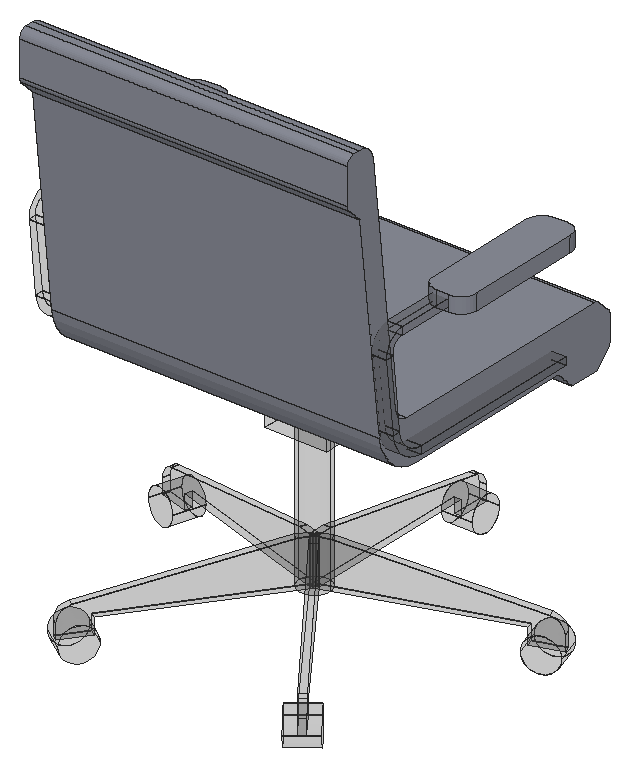
Revit family
Parameters (values of type "Chair-Task Arms")
  Assembly Code = "E2020200"
  Base Material = Plastic - Black
  Caster Material = Plastic - Black
  Seat/Back Material = Textile - Slate Blue
Reference planes (in)
  plane 1 "Center (Front/Back)": y = 0.7459
  plane 2: z = 0
  plane 3 "Center (Left/Right)": x = 5.55082
  plane 4: x = 18.05082
  plane 5: x = -6.94918
  plane 6: y = -12.7541
  plane 7: y = 14.2459
  plane 8: z = 35
  plane 9: z = 18
  plane 10: y = -9.7541
  plane 11: z = 34
  plane 12: y = 11.2459
  plane 13: y = 10.2459
  plane 14: z = 17
  plane 15: y = -8.7541
  plane 16: z = 31
  plane 17: z = 14
  plane 18: x = 7.55082
  plane 19: x = 3.55082
  plane 20: x = 16.55082
  plane 21: x = -5.44918
  plane 22: z = 24
  plane 23: z = 24
Forms (in)
  Extrusion 1, solid, material "Textile - Slate Blue" <- "Seat/Back Material"
    sketch origin (-6.94918, 0, 0) x (0, -1, 0) y (0, 0, 1)
      loop
        arc (-10.03977, 18) -> (-10.23034, 17.96226) -> (-10.39214, 17.85473) r 0.5
        line (-10.39214, 17.85473) -> (-11.09827, 17.15331)
        arc (-11.09827, 17.15331) -> (-11.20752, 16.99069) -> (-11.2459, 16.79857) r 0.5
        line (-11.2459, 16.79857) -> (-11.2459, 15.41892)
        arc (-11.2459, 15.41892) -> (-11.17042, 15.03778) -> (-10.95537, 14.71418) r 1
        line (-10.95537, 14.71418) -> (-10.24595, 14) -> (-8.24595, 14) -> (-7.12892, 15.10959) -> (4.21689, 15.10959)
        arc (4.21689, 15.10959) -> (6.21043, 15.86776) -> (7.19634, 17.75907) r 3
        line (7.19634, 17.75907) -> (8.7541, 31) -> (9.60765, 31.85355)
        arc (9.60765, 31.85355) -> (9.71604, 32.01577) -> (9.7541, 32.20711) r 0.5
        line (9.7541, 32.20711) -> (9.7541, 34.5)
        arc (9.7541, 34.5) -> (9.60765, 34.85355) -> (9.2541, 35) r 0.5
        line (9.2541, 35) -> (8.7472, 35)
        arc (8.7472, 35) -> (8.08269, 34.74728) -> (7.75405, 34.11684) r 1
        line (7.75405, 34.11684) -> (5.96185, 18.88316)
        arc (5.96185, 18.88316) -> (5.63322, 18.25272) -> (4.9687, 18) r 1
        line (4.9687, 18) -> (-10.03977, 18)
    from -2 to -23
  Extrusion 2, solid, material "Plastic - Black" <- "Base Material"
    sketch origin (7.55082, 0, 0) x (0, -1, 0) y (0, 0, 1)
      loop
        line (0.7541, 15.10959) -> (-2.7459, 15.10959) -> (-2.7459, 14.60959) -> (-0.7459, 11.14549) -> (0.7541, 11.14549) -> (0.7541, 15.10959)
    from 0 to 4
  Extrusion 3, solid, material "Plastic - Black" <- "Base Material"
    sketch origin (5.55082, 0, 0) x (0, 1, 0) y (0, 0, 1)
      loop
        line (0.7459, 2.10959) -> (12.2459, 2.10959) -> (12.2459, 1.10959) -> (14.2459, 1.10959) -> (14.2459, 2.0664)
        arc (14.2459, 2.0664) -> (14.01195, 2.70919) -> (13.41955, 3.05121) r 1
        line (13.41955, 3.05121) -> (1.7459, 5.10959) -> (0.7459, 5.10959) -> (0.7459, 2.10959)
    from 0.25 to -0.25
  Extrusion 4, solid, material "Plastic - Black" <- "Caster Material"
    sketch origin (5.55082, 0, 0) x (0, 1, 0) y (0, 0, 1)
      loop
        circle (13.2459, 1.10959) r 1.11025
    from 1 to -1
  Extrusion 5, solid, material "Plastic - Black" <- "Base Material"
    sketch origin (6.26021, 0.51541, 0) x (-0.951057, 0.309017, 0) y (0, 0, 1)
      loop
        line (0.7459, 2.10959) -> (12.2459, 2.10959) -> (12.2459, 1.10959) -> (14.2459, 1.10959) -> (14.2459, 2.0664)
        arc (14.2459, 2.0664) -> (14.01195, 2.70919) -> (13.41955, 3.05121) r 1
        line (13.41955, 3.05121) -> (1.7459, 5.10959) -> (0.7459, 5.10959) -> (0.7459, 2.10959)
    from 0.25 to -0.25
  Extrusion 6, solid, material "Plastic - Black" <- "Caster Material"
    sketch origin (6.26021, 0.51541, 0) x (-0.951057, 0.309017, 0) y (0, 0, 1)
      loop
        circle (13.2459, 1.10959) r 1.11025
    from 1 to -1
  Extrusion 7, solid, material "Plastic - Black" <- "Base Material"
    sketch origin (5.98925, 1.34935, 0) x (-0.587785, -0.809017, 0) y (0, 0, 1)
      loop
        line (0.7459, 2.10959) -> (12.2459, 2.10959) -> (12.2459, 1.10959) -> (14.2459, 1.10959) -> (14.2459, 2.0664)
        arc (14.2459, 2.0664) -> (14.01195, 2.70919) -> (13.41955, 3.05121) r 1
        line (13.41955, 3.05121) -> (1.7459, 5.10959) -> (0.7459, 5.10959) -> (0.7459, 2.10959)
    from 0.25 to -0.25
  Extrusion 8, solid, material "Plastic - Black" <- "Caster Material"
    sketch origin (5.98925, 1.34935, 0) x (-0.587785, -0.809017, 0) y (0, 0, 1)
      loop
        circle (13.2459, 1.10959) r 1.11025
    from 1 to -1
  Extrusion 9, solid, material "Plastic - Black" <- "Base Material"
    sketch origin (5.11239, 1.34935, 0) x (0.587785, -0.809017, 0) y (0, 0, 1)
      loop
        line (0.7459, 2.10959) -> (12.2459, 2.10959) -> (12.2459, 1.10959) -> (14.2459, 1.10959) -> (14.2459, 2.0664)
        arc (14.2459, 2.0664) -> (14.01195, 2.70919) -> (13.41955, 3.05121) r 1
        line (13.41955, 3.05121) -> (1.7459, 5.10959) -> (0.7459, 5.10959) -> (0.7459, 2.10959)
    from 0.25 to -0.25
  Extrusion 10, solid, material "Plastic - Black" <- "Caster Material"
    sketch origin (5.11239, 1.34935, 0) x (0.587785, -0.809017, 0) y (0, 0, 1)
      loop
        circle (13.2459, 1.10959) r 1.11025
    from 1 to -1
  Extrusion 11, solid, material "Plastic - Black" <- "Base Material"
    sketch origin (4.84143, 0.51541, 0) x (0.951057, 0.309017, 0) y (0, 0, 1)
      loop
        line (0.7459, 2.10959) -> (12.2459, 2.10959) -> (12.2459, 1.10959) -> (14.2459, 1.10959) -> (14.2459, 2.0664)
        arc (14.2459, 2.0664) -> (14.01195, 2.70919) -> (13.41955, 3.05121) r 1
        line (13.41955, 3.05121) -> (1.7459, 5.10959) -> (0.7459, 5.10959) -> (0.7459, 2.10959)
    from 0.25 to -0.25
  Extrusion 12, solid, material "Plastic - Black" <- "Caster Material"
    sketch origin (4.84143, 0.51541, 0) x (0.951057, 0.309017, 0) y (0, 0, 1)
      loop
        circle (13.2459, 1.10959) r 1.11025
    from 1 to -1
  Extrusion 13, solid, material "Plastic - Black" <- "Base Material"
    sketch origin (0, 0, 0) x (1, 0, 0) y (0, 1, 0)
      loop
        circle (5.55082, 0.7459) r 1
    from 2.10959 to 15.125
  Sweep 14, solid, material "Plastic - Black" <- "Base Material"
    path origin (16.55082, 0, 0) x (0, -1, 0) y (0, 0, 1)
      loop
        line (-6.57606, 16.5) -> (5.05233, 16.5)
        arc (5.05233, 16.5) -> (6.38136, 17.00545) -> (7.03863, 18.26632) r 2
        line (7.03863, 18.26632) -> (7.58179, 22.88316)
        arc (7.58179, 22.88316) -> (7.33592, 23.66451) -> (6.58864, 24) r 1
        line (6.58864, 24) -> (-0.7459, 24)
    profile origin (16.55082, 0.76186, 0) x (0, 0, 1) y (-1, 0, 0)
      loop
        line (16.75, 0.5) -> (16.25, 0.5) -> (16.25, -0.5) -> (16.75, -0.5) -> (16.75, 0.5)
  Sweep 15, solid, material "Plastic - Black" <- "Base Material"
    path origin (-5.44918, 0, 0) x (0, -1, 0) y (0, 0, 1)
      loop
        line (-6.57606, 16.5) -> (4.97003, 16.5)
        arc (4.97003, 16.5) -> (6.29906, 17.00545) -> (6.95634, 18.26632) r 2
        line (6.95634, 18.26632) -> (7.49949, 22.88316)
        arc (7.49949, 22.88316) -> (7.25362, 23.66451) -> (6.50634, 24) r 1
        line (6.50634, 24) -> (-0.7459, 24)
    profile origin (-5.44918, 0.80301, 0) x (0, 0, 1) y (-1, 0, 0)
      loop
        line (16.25, -0.5) -> (16.75, -0.5) -> (16.75, 0.5) -> (16.25, 0.5) -> (16.25, -0.5)
  Extrusion 16, solid, material "Textile - Slate Blue" <- "Seat/Back Material"
    sketch origin (16.05082, 6.57606, 16.75) x (0, -1, 0) y (1, 0, 0)
      loop
        line (9.49743, 0.25) -> (9.49743, 1)
        arc (9.49743, 1) -> (9.20454, 1.70711) -> (8.49743, 2) r 1
        line (8.49743, 2) -> (1, 2)
        arc (1, 2) -> (0.29289, 1.70711) -> (0, 1) r 1
        line (0, 1) -> (0, 0.25)
        arc (0, 0.25) -> (0.29289, -0.45711) -> (1, -0.75) r 1
        line (1, -0.75) -> (8.49743, -0.75)
        arc (8.49743, -0.75) -> (9.20454, -0.45711) -> (9.49743, 0.25) r 1
      loop
        line (9.45628, -22) -> (9.45628, -21.25)
        arc (9.45628, -21.25) -> (9.16339, -20.54289) -> (8.45628, -20.25) r 1
        line (8.45628, -20.25) -> (1, -20.25)
        arc (1, -20.25) -> (0.29289, -20.54289) -> (0, -21.25) r 1
        line (0, -21.25) -> (0, -22)
        arc (0, -22) -> (0.29289, -22.70711) -> (1, -23) r 1
        line (1, -23) -> (8.45628, -23)
        arc (8.45628, -23) -> (9.16339, -22.70711) -> (9.45628, -22) r 1
    from 6.75 to 7.75
Lines and regions (in)
  Masking region 1
    outline origin (0, 0, 0) x (1, 0, 0) y (0, 1, 0)
      loop
        arc (-5.83383, 6.64892) -> (-6.60679, 6.32875) -> (-6.92696, 5.55579) r 1.09312
        line (-6.92696, 5.55579) -> (-6.92696, -1.93758)
        arc (-6.92696, -1.93758) -> (-6.62468, -2.66733) -> (-5.89493, -2.9696) r 1.03203
        line (-5.89493, -2.9696) -> (-5.19918, -2.9696) -> (-5.19918, -8.60765)
        arc (-5.19918, -8.60765) -> (-4.90629, -9.31476) -> (-4.19918, -9.60765) r 1
        line (-4.19918, -9.60765) -> (15.30082, -9.60765)
        arc (15.30082, -9.60765) -> (16.00793, -9.31476) -> (16.30082, -8.60765) r 1
        line (16.30082, -8.60765) -> (16.30082, -3.06837) -> (17.05462, -3.06837)
        arc (17.05462, -3.06837) -> (17.82523, -2.74917) -> (18.14443, -1.97856) r 1.08981
        line (18.14443, -1.97856) -> (18.14443, 5.59007)
        arc (18.14443, 5.59007) -> (17.85444, 6.29017) -> (17.15433, 6.58017) r 0.9901
        line (17.15433, 6.58017) -> (16.30082, 6.58017) -> (16.30082, 11.09827) -> (-5.19918, 11.09827) -> (-5.19918, 6.64892) -> (-5.83383, 6.64892)
  symbolic lines
    curve 1: line (-3.94918, -9.7541, 0) -> (15.05082, -9.7541, 0)
    curve 2: line (-4.94918, -8.7541, 0) -> (-4.94918, -6.9687, 0)
    curve 3: line (-2.94918, -4.9687, 0) -> (14.05082, -4.9687, 0)
    curve 4: line (16.05082, -8.7541, 0) -> (16.05082, -6.9687, 0)
    curve 5: arc (-2.94918, -4.9687, 0) -> (-4.36339, -5.55449, 0) -> (-4.94918, -6.9687, 0) r 2
    curve 6: arc (14.05082, -4.9687, 0) -> (15.46503, -5.55449, 0) -> (16.05082, -6.9687, 0) r 2
    curve 7: arc (-4.94918, -8.7541, 0) -> (-4.65629, -9.46121, 0) -> (-3.94918, -9.7541, 0) r 1
    curve 8: arc (16.05082, -8.7541, 0) -> (15.75793, -9.46121, 0) -> (15.05082, -9.7541, 0) r 1
    curve 9: line (-5.19918, 11.09827, 0) -> (16.30082, 11.09827, 0)
    curve 10: line (-5.19918, -2.99542, 0) -> (-5.19918, -8.60765, 0)
    curve 11: line (-4.19918, -9.60765, 0) -> (15.30082, -9.60765, 0)
    curve 12: line (16.30082, -3.03621, 0) -> (16.30082, -8.60765, 0)
    curve 13: arc (-5.19918, -8.60765, 0) -> (-4.90629, -9.31476, 0) -> (-4.19918, -9.60765, 0) r 1
    curve 14: arc (16.30082, -8.60765, 0) -> (16.00793, -9.31476, 0) -> (15.30082, -9.60765, 0) r 1
    curve 15: line (-3.92767, -1.72391, 0) -> (-3.92767, 5.35109, 0)
    curve 16: line (-6.97859, 5.59222, 0) -> (-6.97859, -1.93758, 0)
    curve 17: line (-5.19918, 6.62261, 0) -> (-5.94821, 6.62261, 0)
    curve 18: arc (-5.94821, 6.62261, 0) -> (-6.6768, 6.32081, 0) -> (-6.97859, 5.59222, 0) r 1.03038
    curve 19: arc (-3.92767, 5.35109, 0) -> (-4.30008, 6.25019, 0) -> (-5.19918, 6.62261, 0) r 1.27151
    curve 20: arc (-6.97859, -1.93758, 0) -> (-6.66875, -2.68558, 0) -> (-5.92075, -2.99542, 0) r 1.05784
    curve 21: arc (-5.19918, -2.99542, 0) -> (-4.30008, -2.623, 0) -> (-3.92767, -1.72391, 0) r 1.27151
    curve 22: line (-5.92075, -2.99542, 0) -> (-5.19918, -2.99542, 0)
    curve 23: line (15.02981, 5.35135, 0) -> (15.02981, -1.7652, 0)
    curve 24: arc (16.30082, 6.62236, 0) -> (15.40208, 6.25009, 0) -> (15.02981, 5.35135, 0) r 1.27101
    curve 25: line (17.04988, 6.62236, 0) -> (16.30082, 6.62236, 0)
    curve 26: arc (17.04988, 6.62236, 0) -> (17.77837, 6.32061, 0) -> (18.08012, 5.59212, 0) r 1.03024
    curve 27: line (18.08012, -1.97856, 0) -> (18.08012, 5.59212, 0)
    curve 28: arc (17.02246, -3.03621, 0) -> (17.77034, -2.72643, 0) -> (18.08012, -1.97856, 0) r 1.05766
    curve 29: line (16.30082, -3.03621, 0) -> (17.02246, -3.03621, 0)
    curve 30: arc (16.30082, -3.03621, 0) -> (15.40208, -2.66394, 0) -> (15.02981, -1.7652, 0) r 1.27101
    curve 31: line (-5.19918, 11.09827, 0) -> (-5.19918, 6.62261, 0)
    curve 32: line (16.30082, 11.09827, 0) -> (16.30082, 6.62236, 0)
Dimensions and locks (in)
  equal spacing: plane 5, plane 3 "Center (Left/Right)", plane 4
  plane 5 to plane 4 = 2' - 1"
  equal spacing: plane 6, plane 1 "Center (Front/Back)", plane 7
  plane 6 to plane 7 = 2' - 3"
Automatic sketch dimensions
  Masking region 1 sketch curve to plane 5 = 0' - 0.02222"
  plane 21 to Masking region 1 sketch curve = 0' - 0.44575"
  plane 21 to Masking region 1 sketch curve = 0' - 0.38465"
  Masking region 1 sketch curve to plane 21 = 0' - 0 1/4"  (x2)
  Masking region 1 sketch curve to Masking region 1 sketch curve = 0' - 1"
  plane 20 to Masking region 1 sketch curve = 0' - 0 1/4"  (x2)
  plane 20 to Masking region 1 sketch curve = 0' - 1 1/4"
  Masking region 1 sketch curve to plane 20 = 0' - 0.5038"
  Masking region 1 sketch curve to plane 20 = 0' - 0.60351"
  Masking region 1 sketch curve to plane 4 = 0' - 0.09361"
  Masking region 1 sketch curve to plane 6 = 0' - 3.14645"
  plane 1 "Center (Front/Back)" to Masking region 1 sketch curve = 0' - 3.81427"
  plane 1 "Center (Front/Back)" to Masking region 1 sketch curve = 0' - 3.7155"
  Masking region 1 sketch curve to plane 1 "Center (Front/Back)" = 0' - 4.80989"
  Masking region 1 sketch curve to plane 1 "Center (Front/Back)" = 0' - 4.84417"
  plane 7 to Masking region 1 sketch curve = 0' - 3.14763"
